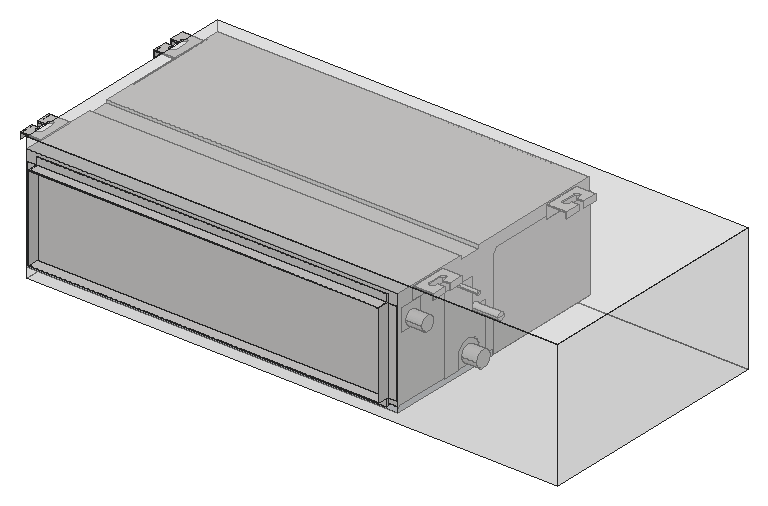
Revit family "outputfile", category 機械設備, Revit 2024
Family settings
  丸型コネクタ寸法 = 半径を使用
  パーツ タイプ = 標準
  OmniClass 番号 = 23.75.10.24.21.27.27
  OmniClass タイトル = Split System Air Conditioning Units
  作業面ベース = いいえ
  常に垂直 = はい
  ロード時にボイドで切り取り = いいえ
  注釈の向きを維持 = いいえ
  共有 = いいえ
  部屋計算ポイント = はい
Parameters (values of type "FXDQ20SPV1")
  Description = ""
  製造元 = "Daikin"
  書き出し IFC クラス(タイプ) = "IfcUnitaryEquipmentType"
  定義済み IFC タイプ(タイプ) = "AIRCONDITIONINGUNIT"
  Cost = 0
  モデル = "FXDQ20SPV1"
  Type Comments = ""
  Keynote = ""
  Type Image = (empty or 0)
  Assembly Code = ""
  w_pipe = 33.0 mm
  r_Liquid Pipe Size = Liquid Pipe Size / 2  # 3.2 mm
  r_Gas Pipe Size = Gas Pipe Size / 2  # 6.35 mm
  r_Drain Pipe Size = Drain Pipe Size / 2  # 10.0 mm
  lw_powersupply = 304.0 mm
  lw_ductflange2 = 630.0 mm
  lw_clearancespace = 1000.0 mm
  lw_Width = 660.0 mm
  lh_suctionflange [instance] = if(Rear Connection_Return Air, 100.0 mm, 190.0 mm)  # 100.0 mm
  lh_liquidpipe = 154.5 mm
  ld_suctionflange [instance] = if(Rear Connection_Return Air, 190.0 mm, 100.0 mm)  # 190.0 mm
  ld_powersupply = 60.0 mm
  angle_vertical_RA [instance] = if(Rear Connection_Return Air, 90.00°, 0.00°)  # 90.00°
  angle horizontal_RA [instance] = if(Rear Connection_Return Air, 180.00°, 270.00°)  # 180.00°
  Voltage_comment_50Hz = "220-240"
  Voltage_50Hz = 230 V
  URL = ""
  Supply Air Direction [instance] = yes
  Sound Power Level_H speed (dB) = 0
  Rear Connection_Return Air [instance] = not(Bottom Connection_Return Air)  # yes
  RA_length = 190.0 mm  # constant formula
  Phase_50Hz = 1
  Minimum External Static Pressure = 10.00 Pa
  Minimum Circuit Amps_50Hz = 0.7 A
  Maximum Fuse Amps_50Hz = 16.0 A
  Maximum External Static Pressure = 30.00 Pa
  Material_Casing = DAIKIN_GalvanizedSteel_Casing_indoorunit
  lw_liquidpipe = 39.2 mm  # constant formula
  lw_gaspipe = 50.6 mm  # constant formula
  lw_mountinghole_pitch = 740.0 mm
  lw_mountinghole = 20.0 mm  # constant formula
  lw_drainpipe = 33.0 mm  # constant formula
  lh_powersupply = 10.0 mm
  lh_gaspipe = 102.0 mm
  lh_mountinghole = Height + [h***]  # 200.0 mm
  lh_drainpipe = 150.0 mm
  lh_antena = 1.0 mm  # constant formula
  ld_liquidpipe = 193.0 mm  # constant formula
  ld_gaspipe = 130.0 mm  # constant formula
  ld_mountinghole_pitch = 0.0 mm  # constant formula
  ld_drainpipe = 280.0 mm
  ld_controlbox = 626.0 mm  # constant formula
  h*** = 0.0 mm  # constant formula
  d_dischargeflange = 21.2 mm  # constant formula
  Width = 700.0 mm
  Version = "ver.1.0"
  Unit Type = "Slim Duct (Standard) Type"
  Unit Mass Weight = 17.00 kg
  Unit Designation [instance] = ""
  Uniclass2015Version = "Products v1.30"
  Uniclass2015Title = "Variable refrigerant flow units"
  Uniclass2015Code = "Pr_70_65_03_94"
  Total Heating Capacity [instance] = 0.000 kW
  Total Cooling Capacity [instance] = 0.000 kW
  Sound Pressure Level_M speed (dBA) = 0
  Sound Pressure Level_L speed (dBA) = 29
  Sound Pressure Level_H speed (dBA) = 33
  Series = "VRV Fan Coil Unit"
  Sensible Cooling Capacity [instance] = 0.000 kW
  SA Duct Size Width = 660.0 mm
  SA Duct Size Height = 160.0 mm
  Refrigerant Type = "R410A"
  RA Duct Size Width = 596.0 mm
  RA Duct Size Height = 172.0 mm
  Power Input (Heating) = 0.056 kW
  Power Input (Cooling) = 0.072 kW
  Option Accessory 3 [instance] = ""
  Option Accessory 2 [instance] = ""
  Option Accessory 1 [instance] = ""
  Nominal Heating Capacity = 2.500 kW
  Nominal Cooling Capacity = 2.200 kW
  Minimum Airflow = 390.00 m³/h
  Median Airflow = 456.00 m³/h
  Maximum Airflow = 522.00 m³/h
  Load Classification = HVAC
  Liquid Pipe Size = 6.4 mm
  Link_Nested Family [instance] = ""
  IfcVersion = "0"
  IfcExportType = "AIRCONDITIONINGUNIT"
  IfcExportAs = "IfcUnitaryEquipmentType"
  Height = 200.0 mm
  Heating Entering Wet Bulb Temperature [instance] = 0.00 °C
  Heating Entering Dry Bulb Temperature [instance] = 0.00 °C
  Heating Ambient Wet Bulb Temperature [instance] = 0.00 °C
  Heating Ambient Dry Bulb Temperature [instance] = 0.00 °C
  Heat Exchanger Type = "Cross Fin Coil"
  Gas Pipe Size = 12.7 mm
  Frequency_50Hz = 50 Hz
  Fan Type = "Sirocco Fan"
  Fan Drive = "Direct Drive"
  FCU Tag No. [instance] = ""
  Drain Pipe Size = 20.0 mm
  Design Supply Airflow [instance] = 0.00 m³/h
  Design Return Airflow [instance] = 0.00 m³/h
  Design External Static Pressure [instance] = 0.00 Pa
  Depth = 450.0 mm
  既定の高さ = 0.0 mm
  Cooling Entering Wet Bulb Temperature [instance] = 0.00 °C
  Cooling Entering Dry Bulb Temperature [instance] = 0.00 °C
  Cooling Ambient Wet Bulb Temperature [instance] = 0.00 °C
  Cooling Ambient Dry Bulb Temperature [instance] = 0.00 °C
  Clearance visibility [instance] = yes
  Clearance Top = 20.0 mm
  Clearance Right = 300.0 mm
  Clearance Rear = 0.0 mm
  Clearance Left = 0.0 mm
  Clearance Front = 0.0 mm
  Clearance Bottom = 20.0 mm
  Bottom Connection_Return Air [instance] = no
Reference planes
  plane 1 "Center (Front/Back)": y = 0
  plane 2: z = 0
  plane 3 "Center (Left/Right)": x = 0
  plane 4 "Back": y = 225
  plane 5 "Front": y = -225
  plane 6 "Left": x = -350
  plane 7 "Right": x = 350
  plane 8 "Top": z = 0
  plane 9 "Bottom": z = -200
  plane 10: x = 330
  plane 11: x = -330
  plane 12: z = -190
  plane 13: z = -6
  plane 14: z = -22
  plane 15: z = -45.5
  plane 16: z = -98
  plane 17: x = -304
  plane 18: x = 304
  plane 19: x = -370
  plane 20: x = 370
  plane 21: y = 165
  plane 22: y = 165
  plane 23: x = -390
  plane 24: x = 390
  plane 25: x = 389.2
  plane 26: x = 400.6
  plane 27: x = 383
  plane 28: z = 0
  plane 29: z = -50
  plane 30 "Clearance Left": x = -350
  plane 31 "Clearance Right": x = 650
  plane 32 "Clearance Rear": y = 225
  plane 33 "Clearance Front": y = -225
  plane 34 "Clearance Top": z = 20
  plane 35 "Clearance Bottom": z = -220
  plane 36: z = -21
  plane 37: z = -170
  plane 38: z = -96.5
  plane 39: y = -46.5
  plane 40: y = -84
  plane 41: y = -197
  plane 42: y = 20
  plane 43: z = -97.5
  plane 44: y = -224
  plane 45: x = -349
  plane 46: z = -100
  plane 47: z = -30
  plane 48: y = 210
  plane 49: z = 301
  plane 50: z = -199
  plane 51: y = 35
  plane 52: z = -101
  plane 53: x = 380
  plane 54: x = 345
  plane 55: x = 355
  plane 56: x = 351
  plane 57: x = 279
  plane 58: x = 349.004
  plane 59: x = -349
  plane 60: x = 304
  plane 61: y = -157.5
  plane 62: y = 157.5
  plane 63: z = -98
  plane 64: z = -45.5
  plane 65: y = -62
  plane 66: y = 224
  plane 67: x = -35
  plane 68: x = 400.6
  plane 69: x = 389.2
Forms (mm)
  Extrusion 1, solid
    sketch origin (0, 0, 0) x (1, 0, 0) y (0, 0, 1)
      loop
        line (-350, -190) -> (-350, -200) -> (350, -200) -> (350, -190) -> (-350, -190)
    from 4.986 to 225
  Extrusion 2, solid, material "DAIKIN_GalvanizedSteel_Casing_indoorunit" <- "Material_Casing"
    sketch origin (0, 0, 0) x (1, 0, 0) y (0, 1, 0)
      loop
        line (-350, -225) -> (350, -225) -> (350, 225) -> (-350, 225) -> (-350, -225)
    from -200 to 0
  Extrusion 3, void
    sketch origin (0, 0, 1) x (1, 0, 0) y (0, 1, 0)
      loop
        line (-350, -36) -> (-350, -78) -> (350, -78) -> (350, -36) -> (-350, -36)
    from -1 to -7
  Revolve 4, solid, material "DAIKIN_GalvanizedSteel_Casing_indoorunit" <- "Material_Casing"
    sketch origin (0, 0, -98) x (0, -1, 0) y (1, 0, 0)
      loop
        line (40.15, 351) -> (46.5, 351) -> (46.5, 400.6) -> (40.15, 400.6) -> (40.15, 351)
      axis (46.5, 351) -> (46.5, 400.6)
    angle from 0 to 360
  Revolve 5, solid, material "DAIKIN_GalvanizedSteel_Casing_indoorunit" <- "Material_Casing"
    sketch origin (0.442, 0, -45.5) x (0, -1, 0) y (1, 0, 0)
      loop
        line (84, 351) -> (84, 388.758) -> (80.8, 388.758) -> (80.8, 351) -> (84, 351)
      axis (84, 388.758) -> (84, 351)
    angle from 0 to 360
  Extrusion 6, solid, material "DAIKIN_GalvanizedSteel_Casing_indoorunit" <- "Material_Casing"
    sketch origin (0, 0, -700) x (0, 1, 0) y (0, 0, 1)
      loop
        circle (-62, 530) r 15
    from 380 to 345
  Extrusion 7, solid, material "DAIKIN_GalvanizedSteel_Casing_indoorunit" <- "Material_Casing"
    sketch origin (0, 0, 0) x (0, 1, 0) y (0, 0, 1)
      loop
        line (-217.5, -66.5) -> (-176.5, -66.5) -> (-176.5, -25.5) -> (-217.5, -25.5) -> (-217.5, -66.5)
    from 350 to 351
  Extrusion 8, solid, material "DAIKIN_GalvanizedSteel_Casing_indoorunit" <- "Material_Casing"
    sketch origin (0, 0, 0) x (0, 1, 0) y (0, 0, 1)
      loop
        circle (-197, -50) r 13
    from 350 to 383
  Extrusion 9, solid, material "DAIKIN_GalvanizedSteel_Casing_indoorunit" <- "Material_Casing"
    sketch origin (0, 0, 0) x (1, 0, 0) y (0, 0, 1)
      loop
        line (-350, -190) -> (-350, -200) -> (350, -200) -> (350, -190) -> (-350, -190)
    from 4.986 to 225
  Extrusion 10, solid, material "DAIKIN_GalvanizedSteel_Casing_indoorunit" <- "Material_Casing", visible <- "Bottom Connection_Return Air"
    sketch origin (0, 0, 0) x (1, 0, 0) y (0, 0, 1)
      loop
        line (279, -200) -> (279, -1) -> (-349, -1) -> (-349, -200) -> (279, -200)
    from -225 to -224
  Extrusion 11, solid, material "DAIKIN_GalvanizedSteel_Casing_indoorunit" <- "Material_Casing", visible <- "Rear Connection_Return Air"
    sketch origin (0, 0, 0) x (1, 0, 0) y (0, 1, 0)
      loop
        line (-349, 225) -> (-349, 26) -> (279, 26) -> (279, 225) -> (-349, 225)
    from -200 to -199
  Extrusion 12, solid, material "DAIKIN_GalvanizedSteel_Casing_indoorunit" <- "Material_Casing"
    sketch origin (0, 0, 0) x (0, 1, 0) y (0, 0, 1)
      loop
        line (-1, -199) -> (225, -199) -> (225, -22) -> (193.393, -22) -> (192.179, -26.532) -> (123.882, -26.532) -> (121.769, -22) -> (6.769, -22) -> (-1, -29.769) -> (-1, -199)
    from 351 to 350
  Extrusion 13, solid, material "DAIKIN_GalvanizedSteel_Casing_indoorunit" <- "Material_Casing"
    sketch origin (0, 0, 0) x (0, 1, 0) y (0, 0, 1)
      loop
        line (-117, -45.5) -> (-117, -190) -> (-22, -190) -> (-22, -98) -> (-40.15, -98)
        arc (-40.15, -98) -> (-46.5, -104.35) -> (-52.85, -98) r 6.35
        line (-52.85, -98) -> (-52.85, -45.5) -> (-80.8, -45.5)
        arc (-80.8, -45.5) -> (-84, -48.7) -> (-87.2, -45.5) r 3.2
        line (-87.2, -45.5) -> (-117, -45.5)
    from 351 to 350
  Extrusion 14, void
    sketch origin (0, 0, 0) x (0, 1, 0) y (0, 0, 1)
      loop
        line (-87, -190) -> (-37, -190) -> (-37, -170)
        arc (-37, -170) -> (-62, -145) -> (-87, -170) r 25
        line (-87, -170) -> (-87, -190)
    from 350 to 351
  Extrusion 15, void
    sketch origin (0, 0, 0) x (1, 0, 0) y (0, 0, 1)
      loop
        line (-349, -1) -> (-349, -209.43) -> (279, -209.43) -> (279, -1) -> (-349, -1)
    from -225 to -26
Cuts and joins
  Extrusion 3, Extrusion 14, Extrusion 15 cuts Extrusion 2
  Extrusion 14, Extrusion 15 cuts Extrusion 9
  Extrusion 14 cuts Extrusion 13
Dimensions and locks
  "lh_powersupply": plane 12 to plane 9 "Bottom"
  locked: plane 8 "Top" to plane 13 at 6
  "Height": plane 8 "Top" to plane 9 "Bottom"
  equal spacing: plane 17, plane 3 "Center (Left/Right)", plane 18, locked at 304 each
  locked: plane 17 to plane 18 at 608
  equal spacing: plane 19, plane 3 "Center (Left/Right)", plane 20
  "lw_mountinghole_pitch": plane 19 to plane 20
  locked: plane 14 to plane 9 "Bottom" at 178
  "lw_mountinghole": plane 23 to plane 19
  locked: plane 15 to plane 9 "Bottom" at 154.5
  "lh_gaspipe": plane 16 to plane 9 "Bottom"
  "lh_mountinghole": plane 28 to plane 9 "Bottom"
  "ld_mountinghole_pitch": plane 22 to plane 21
  equal spacing: plane 6 "Left", plane 3 "Center (Left/Right)", plane 7 "Right"
  "Width": plane 6 "Left" to plane 7 "Right"
  "lh_drainpipe": plane 29 to plane 9 "Bottom"
  "Clearance Right": plane 7 "Right" to plane 31 "Clearance Right"
  "Clearance Left": plane 30 "Clearance Left" to plane 6 "Left"
  "lw_gaspipe": plane 7 "Right" to plane 26
  "lw_liquidpipe": plane 7 "Right" to plane 25
  "lw_drainpipe": plane 7 "Right" to plane 27
  "Clearance Rear": plane 32 "Clearance Rear" to plane 4 "Back"
  "Clearance Front": plane 5 "Front" to plane 33 "Clearance Front"
  "Clearance Top": plane 34 "Clearance Top" to plane 8 "Top"
  "Clearance Bottom": plane 9 "Bottom" to plane 35 "Clearance Bottom"
  "ld_powersupply": plane 4 "Back" to plane 22
  locked: plane 8 "Top" to plane 36 at 21
  locked: plane 8 "Top" to plane 37 at 170
  locked: plane 40 to plane 39 at 37.5
  locked: plane 38 to plane 9 "Bottom" at 103.5
  locked: plane 36 to plane 43 at 76.5
  "Depth": plane 4 "Back" to plane 5 "Front"
  equal spacing: plane 4 "Back", plane 1 "Center (Front/Back)", plane 5 "Front"
  locked: plane 44 to plane 5 "Front" at 1
  locked: plane 45 to plane 6 "Left" at 1
  Extrusion 10 sketch curve to Extrusion 10 sketch curve = 199.0 mm
  locked: plane 12 to plane 46 at 90
  plane 32 "Clearance Rear" to Extrusion 10 = 1.0 mm
  locked: plane 47 to plane 35 "Clearance Bottom" at 190
  plane 48 to nested 12 = 1.0 mm
  plane 49 to plane 28 = 301.0 mm
  locked: plane 50 to plane 9 "Bottom" at 1
  "ld_suctionflange": plane 4 "Back" to plane 51
  locked: plane 52 to plane 9 "Bottom" at 99
  locked: plane 7 "Right" to plane 53 at 30
  locked: plane 54 to plane 7 "Right" at 5
  locked: plane 7 "Right" to plane 55 at 5
  locked: plane 7 "Right" to plane 56 at 1
  locked: plane 7 "Right" to plane 57 at 71
  locked: plane 7 "Right" to plane 58 at 0.996
  locked: plane 59 to plane 6 "Left" at 1
  "lw_powersupply": plane 3 "Center (Left/Right)" to plane 60
  "r_Gas Pipe Size": nested 6 to Revolve 4 sketch curve
  "r_Liquid Pipe Size": nested 5 to Revolve 5 sketch curve
  locked: plane 61 to plane 33 "Clearance Front" at 67.5
  locked: plane 62 to plane 61 at 315
  locked: plane 33 "Clearance Front" to plane 41 at 28
  plane 33 "Clearance Front" to plane 40 = 141.0 mm
  locked: Extrusion 7 sketch curve to Extrusion 7 sketch curve at 41  (x2)
  locked: plane 8 "Top" to plane 64 at 45.5
  plane 64 to plane 63 = 52.5 mm
  locked: plane 33 "Clearance Front" to plane 65 at 163
  plane 33 "Clearance Front" to cut or joined group of Extrusion 2, Extrusion 3, Extrusion 14, Extrusion 15 = 147.0 mm
  nested 12 to plane 67 = 298.0 mm
  "ld_suctionflange": plane 4 "Back" to nested 14
  locked: plane 7 "Right" to plane 68 at 50.6
  locked: plane 7 "Right" to plane 69 at 39.2
  nested 14 to plane 9 "Bottom" = 100.0 mm
  aligned and locked: level to plane 2
  aligned and locked: Extrusion 2 to plane 9 "Bottom"
  aligned and locked: plane 8 "Top" to Extrusion 2
  aligned and locked: Revolve 4 sketch curve to Revolve 4 sketch curve
  aligned and locked: Extrusion 8 to plane 27
  aligned and locked: plane 20 to nested 2
  aligned and locked: plane 19 to nested 3
  aligned and locked: plane 19 to nested 4
  aligned and locked: nested 7 to plane 29
  aligned and locked: Extrusion 8 to nested 7
  aligned and locked: nested 7 to plane 27
  aligned and locked: nested 10 to plane 12
  aligned and locked: Extrusion 9 to plane 5 "Front"
  aligned and locked: Extrusion 9 to plane 9 "Bottom"
  aligned and locked: nested 6 to plane 16
  aligned and locked: nested 8 to plane 44
  aligned and locked: plane 39 to nested 6
  aligned and locked: plane 41 to nested 7
  aligned and locked: Extrusion 11 to nested 12
  aligned and locked: plane 8 "Top" to Extrusion 3
  aligned and locked: plane 9 "Bottom" to Extrusion 11  (x2)
  aligned and locked: Extrusion 11 to plane 50
  aligned and locked: plane 4 "Back" to nested 11
  aligned and locked: plane 32 "Clearance Rear" to nested 13  (x2)
  aligned and locked: nested 13 to plane 33 "Clearance Front"
  aligned and locked: nested 13 to plane 34 "Clearance Top"  (x2)
  aligned and locked: nested 13 to plane 35 "Clearance Bottom"  (x2)
  aligned and locked: plane 4 "Back" to Extrusion 12
  aligned and locked: Extrusion 12 to plane 50
  aligned and locked: plane 7 "Right" to Extrusion 12  (x2)
  aligned and locked: Extrusion 3 to plane 13
  aligned and locked: plane 52 to nested 8
  aligned and locked: plane 7 "Right" to cut or joined group of Extrusion 2, Extrusion 3, Extrusion 14, Extrusion 15
  aligned and locked: Extrusion 6 to plane 54
  aligned and locked: Extrusion 6 to plane 53
  aligned and locked: Extrusion 12 to plane 56
  aligned and locked: Extrusion 7 to plane 56
  aligned and locked: Extrusion 7 to plane 7 "Right"
  aligned and locked: Extrusion 8 to plane 7 "Right"
  aligned and locked: plane 3 "Center (Left/Right)" to nested 15
  aligned and locked: plane 13 to nested 15
  aligned and locked: nested 10 to plane 60
  aligned and locked: plane 20 to nested 1
  aligned and locked: plane 33 "Clearance Front" to nested 15
  aligned and locked: plane 4 "Back" to nested 10
  aligned and locked: Extrusion 2 to plane 5 "Front"
  aligned and locked: plane 3 "Center (Left/Right)" to nested 9
  aligned and locked: nested 9 to plane 1 "Center (Front/Back)"
  aligned and locked: plane 61 to nested 16
  aligned and locked: plane 62 to nested 17
  aligned and locked: nested 19 to plane 61
  aligned and locked: nested 19 to plane 6 "Left"
  aligned and locked: nested 18 to plane 62
  aligned and locked: nested 18 to plane 6 "Left"
  aligned and locked: plane 8 "Top" to nested 19
  aligned and locked: plane 8 "Top" to nested 18
  aligned and locked: plane 8 "Top" to nested 16
  aligned and locked: plane 8 "Top" to nested 17
  aligned and locked: plane 64 to Revolve 5
  aligned and locked: plane 63 to Revolve 4
  aligned and locked: plane 7 "Right" to Extrusion 13
  aligned and locked: plane 56 to Extrusion 13
  aligned and locked: plane 64 to Extrusion 13  (x2)
  aligned and locked: plane 63 to Extrusion 13
  aligned and locked: Extrusion 13 to plane 12
  aligned and locked: plane 56 to cut or joined group of Extrusion 2, Extrusion 3, Extrusion 14, Extrusion 15
  aligned and locked: cut or joined group of Extrusion 2, Extrusion 3, Extrusion 14, Extrusion 15 to plane 7 "Right"
  aligned and locked: Extrusion 6 sketch curve to plane 65
  aligned and locked: plane 37 to Extrusion 6
  aligned and locked: nested 12 to plane 59
  aligned and locked: plane 4 "Back" to Extrusion 15
  aligned and locked: nested 11 to plane 59
  aligned and locked: Extrusion 11 to plane 57
  aligned and locked: Extrusion 10 to plane 59
  aligned and locked: Extrusion 10 to plane 57
  aligned and locked: plane 67 to nested 14
  aligned and locked: nested 11 to plane 50
  aligned and locked: plane 40 to nested 5
  aligned and locked: nested 5 to plane 64
  aligned and locked: plane 31 "Clearance Right" to nested 13
  aligned and locked: plane 7 "Right" to nested 16
  aligned and locked: plane 7 "Right" to nested 17
  aligned and locked: nested 1 to plane 62
  aligned and locked: nested 2 to plane 61
  aligned and locked: nested 3 to plane 61
  aligned and locked: nested 4 to plane 62
  aligned and locked: Revolve 4 to plane 68
  aligned and locked: plane 68 to nested 6
  aligned and locked: Revolve 5 to plane 69
  aligned and locked: plane 69 to nested 5
  aligned and locked: level to plane 8 "Top"
  aligned and locked: plane 16 to plane 63
Automatic sketch dimensions
  Extrusion 1 sketch curve to plane 6 "Left" = 0.0 mm
  Extrusion 1 sketch curve to plane 7 "Right" = 0.0 mm
  Extrusion 1 sketch curve to plane 9 "Bottom" = 0.0 mm
  Extrusion 1 sketch curve to plane 12 = 0.0 mm
  Extrusion 2 sketch curve to plane 4 "Back" = 0.0 mm
  Extrusion 2 sketch curve to plane 6 "Left" = 0.0 mm
  Extrusion 2 sketch curve to plane 7 "Right" = 0.0 mm
  Extrusion 2 sketch curve to plane 44 = 1.0 mm
  Extrusion 3 sketch curve to plane 6 "Left" = 0.0 mm
  Extrusion 3 sketch curve to plane 7 "Right" = 0.0 mm
  plane 1 "Center (Front/Back)" to Extrusion 3 sketch curve = 78.0 mm
  Extrusion 3 sketch curve to plane 42 = 56.0 mm
  Extrusion 6 sketch curve to plane 37 = 0.0 mm
  Extrusion 8 sketch curve to plane 41 = 0.0 mm
  Extrusion 9 sketch curve to plane 6 "Left" = 0.0 mm
  Extrusion 9 sketch curve to plane 7 "Right" = 0.0 mm
  Extrusion 9 sketch curve to plane 9 "Bottom" = 0.0 mm
  Extrusion 9 sketch curve to plane 12 = 0.0 mm
  Extrusion 11 sketch curve to plane 45 = 0.0 mm
  Extrusion 11 sketch curve to plane 4 "Back" = 0.0 mm
  Extrusion 11 sketch curve to plane 18 = 25.0 mm
  plane 42 to Extrusion 11 sketch curve = 6.0 mm
  Revolve 4 sketch curve to plane 26 = 0.0 mm
  Revolve 4 sketch curve to plane 39 = 0.0 mm
  Revolve 4 sketch curve to Revolve 4 sketch curve = 1.003 mm
  plane 26 to Revolve 4 sketch curve = 1.003 mm
  plane 15 to Extrusion 7 sketch curve = 20.0 mm
  plane 44 to Extrusion 7 sketch curve = 6.5 mm
  Extrusion 8 sketch curve to plane 29 = 0.0 mm
  Revolve 4 sketch curve to plane 56 = 0.0 mm
  Extrusion 13 sketch curve to plane 64 = 0.0 mm
  Extrusion 13 sketch curve to plane 12 = 0.0 mm
  Extrusion 13 sketch curve to plane 40 = 0.0 mm
  Extrusion 13 sketch curve to plane 63 = 0.0 mm
  Extrusion 13 sketch curve to plane 39 = 0.0 mm
  Extrusion 13 sketch curve to Extrusion 13 sketch curve = 3.2 mm
  Extrusion 13 sketch curve to Extrusion 13 sketch curve = 29.8 mm
  Extrusion 13 sketch curve to plane 39 = 6.35 mm
  Extrusion 13 sketch curve to Extrusion 13 sketch curve = 18.15 mm
  Extrusion 14 sketch curve to plane 12 = 0.0 mm
  Extrusion 14 sketch curve to plane 37 = 0.0 mm
  Extrusion 14 sketch curve to plane 65 = 0.0 mm
  Extrusion 14 sketch curve to plane 40 = 3.0 mm
  plane 45 to Extrusion 10 sketch curve = 0.0 mm
  Extrusion 10 sketch curve to plane 50 = 1.0 mm
  plane 45 to Extrusion 15 sketch curve = 0.0 mm
  plane 57 to Extrusion 15 sketch curve = 0.0 mm
  Extrusion 15 sketch curve to plane 9 "Bottom" = 9.43 mm
  Extrusion 15 sketch curve to plane 8 "Top" = 1.0 mm
  plane 57 to Extrusion 10 sketch curve = 0.0 mm
  Extrusion 12 sketch curve to plane 50 = 0.0 mm
  Extrusion 12 sketch curve to plane 14 = 0.0 mm  (x2)
  Extrusion 12 sketch curve to plane 4 "Back" = 0.0 mm
  plane 47 to Extrusion 12 sketch curve = 3.468 mm
  Extrusion 12 sketch curve to plane 48 = 17.821 mm
  Extrusion 12 sketch curve to plane 62 = 33.618 mm
  Extrusion 12 sketch curve to Extrusion 12 sketch curve = 2.113 mm
  Extrusion 12 sketch curve to plane 1 "Center (Front/Back)" = 6.769 mm
  plane 1 "Center (Front/Back)" to Extrusion 12 sketch curve = 1.0 mm
  plane 47 to Extrusion 12 sketch curve = 0.231 mm
  Extrusion 12 sketch curve to Extrusion 12 sketch curve = 1.214 mm
  Revolve 5 sketch curve to plane 40 = 0.0 mm  (x2)
  plane 25 to Revolve 5 sketch curve = 0.442 mm
  plane 56 to Revolve 5 sketch curve = 0.442 mm  (x2)
  Revolve 5 sketch curve to plane 25 = 0.0 mm
  radius of Extrusion 6 sketch curve = 15.0 mm
  radius of Extrusion 8 sketch curve = 13.0 mm
Nested families
  nested 1: "daikin_mountinghole" at (370, 157.5, -200), l_antenna <- "lh_antena", Link_Nested Family <- "Link_Nested Family", h_mountinghole <- "lh_mountinghole", type "daikin_mountinghole"
    with show yes, l_antenna 1.0 mm, h_mountinghole 200.0 mm, Link_Nested Family ""
  nested 2: "daikin_mountinghole" at (370, -157.5, -200), Link_Nested Family <- "Link_Nested Family", l_antenna <- "lh_antena", h_mountinghole <- "lh_mountinghole", type "daikin_mountinghole"
    with show yes, l_antenna 1.0 mm, h_mountinghole 200.0 mm, Link_Nested Family ""
  nested 3: "daikin_mountinghole" at (-370, -157.5, -200), l_antenna <- "lh_antena", Link_Nested Family <- "Link_Nested Family", h_mountinghole <- "lh_mountinghole", type "daikin_mountinghole"
    with show yes, l_antenna 1.0 mm, h_mountinghole 200.0 mm, Link_Nested Family ""
  nested 4: "daikin_mountinghole" at (-370, 157.5, -200), l_antenna <- "lh_antena", Link_Nested Family <- "Link_Nested Family", h_mountinghole <- "lh_mountinghole", type "daikin_mountinghole"
    with show yes, l_antenna 1.0 mm, h_mountinghole 200.0 mm, Link_Nested Family ""
  nested 5: "daikin_connector_rotate2" at (350, -84, -45.5) x (0, 1, 0) z (0, 0, 1), length <- "lw_liquidpipe", radius <- "r_Liquid Pipe Size", built-in parameter 1001364 <- "lh_liquidpipe", type "daikin_connector_rotate2"
    with radius 3.2 mm, length 39.2 mm, angle_vertical 90.00°, show_face no
  nested 6: "daikin_connector_rotate2" at (350, -46.5, -98) x (0, 1, 0) z (0, 0, 1), length <- "lw_gaspipe", built-in parameter 1001364 <- "lh_gaspipe", radius <- "r_Gas Pipe Size", type "daikin_connector_rotate2"
    with radius 6.35 mm, length 50.6 mm, angle_vertical 90.00°, show_face no
  nested 7: "daikin_connector_rotate2" at (350, -197, -50) x (0, 1, 0) z (0, 0, 1), built-in parameter 1001364 <- "lh_drainpipe", length <- "lw_drainpipe", radius <- "r_Drain Pipe Size", type "daikin_connector_rotate2"
    with radius 10.0 mm, length 33.0 mm, angle_vertical 90.00°, show_face no
  nested 8: "daikin_connector_rotate2" at (0, -224, -101), length <- "d_dischargeflange", type "daikin_connector_rotate2"
    with radius 10.0 mm, length 21.2 mm, angle_vertical 90.00°, show_face no
  nested 9: "daikin_△_symbolicline" at (-50, -86.603, 200) x (-0.5, 0.866, 0) z (0, 0, 1), built-in parameter 1001364 <- "Height", visible <- "Supply Air Direction", type "daikin_△_symbolicline"
    with length 200.0 mm
  nested 10: "daikin_connector_rotate2" at (304, 165, -190) x (-1, 0, 0) z (0, 0, 1), built-in parameter 1001364 <- "lw_powersupply", length <- "ld_powersupply", type "daikin_connector_rotate2"
    with radius 10.0 mm, length 60.0 mm, angle_vertical 90.00°, show_face no
  nested 11: "daikin_ductflange_FXDQ-SPV1_2" at (-35, 225, -100), visible <- "Rear Connection_Return Air", material <- "Material_Casing", width <- "lw_ductflange2", type "daikin_ductflange_FXDQ-SPV1_2"
    with width 630.0 mm, material DAIKIN_GalvanizedSteel_Casing_indoorunit, height 180.0 mm, depth 21.2 mm
  nested 12: "daikin_ductflange_FXDQ-SPV1_2" at (-35, 125, -200) x (1, 0, 0) z (0, 1, 0), visible <- "Bottom Connection_Return Air", material <- "Material_Casing", width <- "lw_ductflange2", type "daikin_ductflange_FXDQ-SPV1_2"
    with width 630.0 mm, material DAIKIN_GalvanizedSteel_Casing_indoorunit, height 180.0 mm, depth 21.2 mm
  nested 13: "daikin_clearancespace" at (150, 0, -99.881), visible <- "Clearance visibility", show <- "Clearance visibility", width <- "lw_clearancespace", Link_Nested Family <- "Link_Nested Family", type "daikin_clearancespace"
    with width 1000.0 mm, show yes, height 240.0 mm, depth 450.0 mm, Link_Nested Family ""
  nested 14: "daikin_connector_rotate3" at (-35, 35, -100), built-in parameter 1001364 <- "lh_suctionflange", angle_vertical <- "angle_vertical_RA", angle_horizontal <- "angle horizontal_RA", length <- "RA_length", type "daikin_connector_rotate3"
    with show no, radius 10.0 mm, length 190.0 mm, angle_vertical 90.00°, angle_horizontal 180.00°
  nested 15: "daikin_ductflange_FXDQ-SPV1_1" at (0, 88.5, -371.201), width <- "lw_Width", material <- "Material_Casing", type "daikin_ductflange_FXDQ-SPV1_1"
    with width 660.0 mm, material DAIKIN_GalvanizedSteel_Casing_indoorunit, height 162.0 mm, depth 21.2 mm
  nested 16: "daikin_hangerfixture_FXDQ-SPV1" at (350, -157.5, 0) x (0, 1, 0) z (0, 0, 1), type "daikin_hangerfixture_FXDQ-SPV1"
  nested 17: "daikin_hangerfixture_FXDQ-SPV1" at (350, 157.5, 0) x (0, 1, 0) z (0, 0, 1), type "daikin_hangerfixture_FXDQ-SPV1"
  nested 18: "daikin_hangerfixture_FXDQ-SPV1" at (-350, 157.5, 0) x (0, -1, 0) z (0, 0, 1), type "daikin_hangerfixture_FXDQ-SPV1"
  nested 19: "daikin_hangerfixture_FXDQ-SPV1" at (-350, -157.5, 0) x (0, -1, 0) z (0, 0, 1), type "daikin_hangerfixture_FXDQ-SPV1"
Connectors
  piping at (400.6, -46.5, -98), diameter 12.7, driven by "r_Gas Pipe Size"
    settings: on nested 6, index 1, connector inside diameter 609.6 mm, connector length 0.0 mm, flow factor 0, pipe flow 0.00 m³/h, pressure drop 0.0 Pa, fitting loss kfactor 0, connector angle 0.00°, fixture units 0, engagement length 0.0 mm, angle of deflection 0.00°, flow configuration 1, flow direction 2, fitting loss method 0, system type 29, joint type 0, gender type 0, connector reference index -1, connector utility 0, adjustable connector no, is connector primary yes, connector description "Refrigerant Gas Piping"
  piping at (389.2, -84, -45.5), diameter 6.4, driven by "r_Liquid Pipe Size"
    settings: on nested 5, index 2, connector inside diameter 609.6 mm, connector length 0.0 mm, flow factor 0, pipe flow 0.00 m³/h, pressure drop 0.0 Pa, fitting loss kfactor 0, connector angle 0.00°, fixture units 0, engagement length 0.0 mm, angle of deflection 0.00°, flow configuration 1, flow direction 1, fitting loss method 0, system type 29, joint type 0, gender type 0, connector reference index -1, connector utility 0, adjustable connector no, is connector primary no, connector description "Refrigerant Liquid Piping"
  piping at (383, -197, -50), diameter 20, driven by "r_Drain Pipe Size"
    settings: on nested 7, index 3, connector inside diameter 609.6 mm, connector length 0.0 mm, flow factor 0, pipe flow 0.00 m³/h, pressure drop 0.0 Pa, fitting loss kfactor 0, connector angle 0.00°, fixture units 0, engagement length 0.0 mm, angle of deflection 0.00°, flow configuration 1, flow direction 2, fitting loss method 4, system type 16, joint type 0, gender type 0, connector reference index -1, connector utility 0, adjustable connector no, is connector primary no, connector description "Condensate Drain Piping"
  hvac at (0, -245.2, -101), driven by "SA Duct Size Height", driven by "SA Duct Size Width"
    settings: on nested 8, index 7, duct flow 0.00 m³/h, flow factor 0, pres drop 0.00 Pa, loss coef 0, conn angle 0.00°, conn width 660.0 mm, conn height 160.0 mm, conn diameter 609.6 mm, duct sys type 1, conn prof type 1, flow config 0, flow direction 2, loss method 4, conn ref index -1, conn util no, is conn primary yes, conn desc "SA Duct"
  electrical at (304, 225, -190), driven by "Load Classification"
    settings: on nested 10, index 9, voltage 0 V, apparent load 0 VA, apparent load phase1 0 VA, apparent load phase2 0 VA, apparent load phase3 0 VA, power factor 1, load classification "HVAC", number of poles 1, system type 30, power factor state 1, is connector primary yes, connector utility no, sub classification motor no, connector description "Power Supply"
  hvac at (-35, 225, -100), driven by "RA Duct Size Height", driven by "RA Duct Size Width"
    settings: on nested 14, index 10, duct flow 0.00 m³/h, flow factor 0, pres drop 0.00 Pa, loss coef 0, conn angle 0.00°, conn width 596.0 mm, conn height 172.0 mm, conn diameter 609.6 mm, duct sys type 2, conn prof type 1, flow config 0, flow direction 1, loss method 4, conn ref index -1, conn util no, is conn primary no, conn desc "RA Duct"
Definition of nested family "daikin_ductflange_FXDQ-SPV1_2"
  Parameters (values of type "daikin_ductflange_FXDQ-PDVE2")
    width [instance] = 630.0 mm
    material [instance] = none
    height [instance] = 186.0 mm
    depth [instance] = 21.2 mm
    Default Elevation = 0.0 mm
  Reference planes
    plane 1 "Center (Front/Back)": y = 0
    plane 2: z = 0
    plane 3 "Center (Left/Right)": x = 0
    plane 4: y = -313.5
    plane 5: y = -334.7
    plane 6: x = -315
    plane 7: x = 315
    plane 8: z = 86
    plane 9: z = -86
    plane 10: z = 100
    plane 11: z = -100
    plane 12: x = -314
    plane 13: x = 314
  Forms (mm)
    Extrusion 1, solid, material <- "material"
      sketch origin (0, 0, 0) x (1, 0, 0) y (0, 0, 1)
        loop
          line (-298, 86) -> (-298, -86) -> (298, -86) -> (298, 86) -> (-298, 86)
        loop
          line (-314, -99) -> (314, -99) -> (314, 99) -> (-314, 99) -> (-314, -99)
      from 0 to 1
  Dimensions and locks
    plane 4 to plane 1 "Center (Front/Back)" = 313.5 mm
    "depth": plane 5 to plane 4
    equal spacing: plane 7, plane 3 "Center (Left/Right)", plane 6
    "width": plane 7 to plane 6
    equal spacing: plane 10, level, plane 11, locked at 100 each
    locked: plane 10 to plane 11 at 200
    plane 12 to plane 6 = 1.0 mm
    locked: plane 7 to plane 13 at 1
    plane 10 to Extrusion 1 sketch curve = 1.0 mm
    Extrusion 1 sketch curve to plane 11 = 1.0 mm
    locked: Extrusion 1 sketch curve to Extrusion 1 sketch curve at 13  (x2)
    locked: Extrusion 1 sketch curve to Extrusion 1 sketch curve at 16  (x2)
    locked: plane 10 to plane 8 at 14
    locked: plane 9 to plane 11 at 14
    plane 8 to plane 2 to plane 9 = 86.0 mm, 86.0 mm
    plane 8 to plane 9 = 172.0 mm
    aligned and locked: level to plane 2
  Automatic sketch dimensions
    plane 6 to Extrusion 1 sketch curve = 1.0 mm
    Extrusion 1 sketch curve to plane 7 = 1.0 mm
Definition of nested family "daikin_clearancespace"
  Parameters (values of type "daikin_clearancespace")
    width [instance] = 1823.963 mm
    show [instance] = yes
    material = none
    height [instance] = 1359.762 mm
    depth [instance] = 880.0 mm
    Default Elevation = 0.0 mm
    Link_Nested Family [instance] = ""
  Reference planes
    plane 1 "Center (Front/Back)": y = 0
    plane 2 "Center (Elevation)": z = -0.119
    plane 3 "Center (Left/Right)": x = 0
    plane 4: y = 440
    plane 5: y = -440
    plane 6 "Right": x = 911.982
    plane 7 "Left": x = -911.982
    plane 8 "Top": z = 679.762
    plane 9 "Bottom": z = -680
  Forms (mm)
    Extrusion 1, solid, material <- "material", visible <- "show"
      sketch origin (0, 0, 0) x (1, 0, 0) y (0, 1, 0)
        loop
          line (-911.982, 440) -> (-911.982, -440) -> (911.982, -440) -> (911.982, 440) -> (-911.982, 440)
      from -680 to 679.762
  Lines and regions (mm)
    symbolic lines, visible <- "show"
      curve 1: line (911.982, 440, 0) -> (-911.982, 440, 0)
      curve 2: line (-911.982, 440, 0) -> (-911.982, -440, 0)
      curve 3: line (-911.982, -440, 0) -> (911.982, -440, 0)
      curve 4: line (911.982, -440, 0) -> (911.982, 440, 0)
      curve 5: line (911.982, 0, 679.762) -> (-911.982, 0, 679.762)
      curve 6: line (911.982, 0, -680) -> (911.982, 0, 679.762)
      curve 7: line (-911.982, 0, -680) -> (911.982, 0, -680)
      curve 8: line (-911.982, 0, 679.762) -> (-911.982, 0, -680)
      curve 9: line (0, 440, 679.762) -> (0, -440, 679.762)
      curve 10: line (0, -440, 679.762) -> (0, -440, -680)
      curve 11: line (0, 440, -680) -> (0, 440, 679.762)
      curve 12: line (0, -440, -680) -> (0, 440, -680)
  Dimensions and locks
    "width": plane 7 "Left" to plane 6 "Right"
    "depth": plane 4 to plane 5
    "height": plane 8 "Top" to plane 9 "Bottom"
    equal spacing: plane 7 "Left", plane 3 "Center (Left/Right)", plane 6 "Right"
    equal spacing: plane 4, plane 1 "Center (Front/Back)", plane 5
    equal spacing: plane 8 "Top", plane 2 "Center (Elevation)", plane 9 "Bottom"
    aligned and locked: level to plane 2 "Center (Elevation)"
    aligned and locked: Extrusion 1 sketch curve to plane 4
    aligned and locked: plane 7 "Left" to Extrusion 1 sketch curve
    aligned and locked: Extrusion 1 sketch curve to plane 5
    aligned and locked: Extrusion 1 sketch curve to plane 6 "Right"
    aligned and locked: plane 8 "Top" to Extrusion 1
    aligned and locked: curve 1 to Extrusion 1
    aligned and locked: curve 2 to Extrusion 1
    aligned and locked: curve 3 to Extrusion 1
    aligned and locked: curve 4 to Extrusion 1
    aligned and locked: curve 5 to Extrusion 1
    aligned and locked: curve 6 to Extrusion 1
    aligned and locked: curve 7 to Extrusion 1
    aligned and locked: curve 8 to Extrusion 1
    aligned and locked: curve 9 to Extrusion 1
    aligned and locked: curve 10 to Extrusion 1
    aligned and locked: curve 11 to Extrusion 1
    aligned and locked: curve 12 to Extrusion 1
    aligned and locked: Extrusion 1 to plane 9 "Bottom"
Definition of nested family "daikin_ductflange_FXDQ-SPV1_1"
  Parameters (values of type "daikin_ductflange_FXDQ-PDVE")
    width [instance] = 862.0 mm
    material [instance] = none
    height [instance] = 162.0 mm
    depth [instance] = 21.2 mm
    Default Elevation = 0.0 mm
  Reference planes
    plane 1 "Center (Front/Back)": y = 0
    plane 2: z = 189.201
    plane 3 "Center (Left/Right)": x = 0
    plane 4: y = -313.5
    plane 5: x = -431
    plane 6: x = 431
    plane 7: y = -334.7
    plane 8: z = 351.201
    plane 9: z = 270.201
    plane 10: z = 350.201
    plane 11: z = 190.201
  Forms (mm)
    Extrusion 1, solid, material <- "material"
      sketch origin (0, 0, 189.201) x (1, 0, 0) y (0, 1, 0)
        loop
          line (-431, -334.7) -> (-431, -313.5) -> (-449, -313.5) -> (-449, -314.5) -> (-432, -314.5) -> (-432, -334.7) -> (-431, -334.7)
        loop
          line (431, -334.7) -> (432, -334.7) -> (432, -314.5) -> (449, -314.5) -> (449, -313.5) -> (431, -313.5) -> (431, -334.7)
      from 1 to 161
    Extrusion 2, solid, material <- "material"
      sketch origin (0, 0, 0) x (0, 1, 0) y (0, 0, 1)
        loop
          line (-313.5, 350.201) -> (-313.5, 365.201) -> (-314.5, 365.201) -> (-314.5, 351.201) -> (-334.7, 351.201) -> (-334.7, 350.201) -> (-313.5, 350.201)
        loop
          line (-313.5, 190.201) -> (-334.7, 190.201) -> (-334.7, 189.201) -> (-314.5, 189.201) -> (-314.5, 175.201) -> (-313.5, 175.201) -> (-313.5, 190.201)
      from -431 to 431
  Dimensions and locks
    plane 4 to plane 1 "Center (Front/Back)" = 313.5 mm
    "depth": plane 7 to plane 4
    equal spacing: plane 8, plane 9, level, locked at 81 each
    "height": plane 8 to level
    equal spacing: plane 6, plane 3 "Center (Left/Right)", plane 5
    "width": plane 6 to plane 5
    plane 5 to plane 6 = 862.0 mm
    locked: plane 8 to plane 10 at 1
    locked: plane 11 to level at 1
    locked: Extrusion 1 to Extrusion 2 sketch curve at 1
    locked: Extrusion 2 sketch curve to Extrusion 1 at 1
    locked: Extrusion 1 sketch curve to Extrusion 1 sketch curve at 1
    locked: Extrusion 1 sketch curve to plane 5 at 18
    locked: Extrusion 1 to plane 5 at 18
    locked: plane 6 to Extrusion 1 at 18
    locked: plane 5 to Extrusion 1 at 18
    locked: Extrusion 1 to plane 6 at 18
    aligned and locked: level to plane 2
    aligned and locked: Extrusion 2 to plane 5
    aligned and locked: Extrusion 2 to plane 11
    aligned and locked: Extrusion 2 to plane 10
    aligned and locked: plane 6 to Extrusion 2
    aligned and locked: plane 5 to Extrusion 2  (x2)
    aligned and locked: plane 5 to Extrusion 1  (x2)
    aligned and locked: Extrusion 1 to plane 6
    aligned and locked: plane 6 to Extrusion 1
  Automatic sketch dimensions
    Extrusion 1 sketch curve to plane 4 = 0.0 mm  (x2)
    Extrusion 1 sketch curve to plane 7 = 0.0 mm  (x2)
    plane 5 to Extrusion 1 sketch curve = 0.0 mm
    Extrusion 1 sketch curve to plane 5 = 1.0 mm
    plane 6 to Extrusion 1 sketch curve = 1.0 mm
    Extrusion 2 sketch curve to plane 7 = 0.0 mm  (x2)
    Extrusion 2 sketch curve to plane 4 = 0.0 mm  (x2)
    Extrusion 2 sketch curve to plane 11 = 0.0 mm
    Extrusion 2 sketch curve to plane 10 = 0.0 mm
    Extrusion 2 sketch curve to plane 4 = 1.0 mm  (x2)
    Extrusion 2 sketch curve to level = 14.0 mm
    plane 8 to Extrusion 2 sketch curve = 14.0 mm
    Extrusion 1 sketch curve to Extrusion 1 sketch curve = 17.0 mm
    Extrusion 1 sketch curve to plane 4 = 1.0 mm
    Extrusion 1 sketch curve to plane 6 = 0.0 mm
Definition of nested family "daikin_hangerfixture_FXDQ-SPV1"
  Parameters (values of type "daikin_hangerfixture_FXDQ-SPV1")
    width = 700.0 mm
    material = none
    height = 30.0 mm
    depth = 619.0 mm
    Default Elevation = 0.0 mm
  Reference planes
    plane 1 "Center (Front/Back)": y = 0
    plane 2: z = 0
    plane 3 "Center (Left/Right)": x = 0
    plane 4: x = -34
    plane 5: x = 34
    plane 6: y = -39.5
    plane 7: z = -24.5
  Forms (mm)
    Extrusion 1, solid, material <- "material"
      sketch origin (0, 0, 0) x (0, 1, 0) y (0, 0, 1)
        loop
          line (0, 0) -> (-39.5, 0) -> (-39.5, -11) -> (-38, -11) -> (-38, -1.5) -> (-1.5, -1.5) -> (-1.5, -24.5) -> (0, -24.5) -> (0, 0)
      from -34 to 34
    Extrusion 2, void
      sketch origin (0, 0, 0) x (1, 0, 0) y (0, 1, 0)
        loop
          line (6.5, -39.5) -> (6.5, -26.5) -> (12.5, -26.5)
          arc (12.5, -26.5) -> (18.5, -20.5) -> (12.5, -14.5) r 6
          line (12.5, -14.5) -> (-12.5, -14.5)
          arc (-12.5, -14.5) -> (-18.5, -20.5) -> (-12.5, -26.5) r 6
          line (-12.5, -26.5) -> (-6.5, -26.5) -> (-6.5, -39.5) -> (6.5, -39.5)
      from -70.244 to 68
  Cuts and joins
    Extrusion 2 cuts Extrusion 1
  Dimensions and locks
    equal spacing: plane 4, plane 3 "Center (Left/Right)", plane 5, locked at 34 each
    locked: plane 4 to plane 5 at 68
    locked: plane 6 to plane 1 "Center (Front/Back)" at 39.5
    locked: plane 2 to plane 7 at 24.5
    aligned and locked: level to plane 2
    aligned and locked: plane 2 to Extrusion 1
    aligned and locked: Extrusion 1 to plane 1 "Center (Front/Back)"  (x2)
    aligned and locked: Extrusion 1 to plane 4
    aligned and locked: plane 5 to Extrusion 1
    aligned and locked: Extrusion 1 to plane 6  (x2)
    aligned and locked: Extrusion 1 to plane 7
    aligned and locked: plane 4 to Extrusion 1
    aligned and locked: Extrusion 1 to plane 5
  Automatic sketch dimensions
    Extrusion 1 sketch curve to level = 0.0 mm
    Extrusion 1 sketch curve to plane 1 "Center (Front/Back)" = 0.0 mm
    plane 1 "Center (Front/Back)" to Extrusion 1 sketch curve = 1.5 mm
    Extrusion 1 sketch curve to level = 1.5 mm
    Extrusion 1 sketch curve to Extrusion 1 sketch curve = 36.5 mm
    Extrusion 1 sketch curve to Extrusion 1 sketch curve = 1.5 mm
    Extrusion 1 sketch curve to Extrusion 1 sketch curve = 9.5 mm
    Extrusion 1 sketch curve to Extrusion 1 sketch curve = 23.0 mm
    Extrusion 2 sketch curve to plane 6 = 0.0 mm
    Extrusion 2 sketch curve to plane 3 "Center (Left/Right)" = 12.5 mm
    Extrusion 2 sketch curve to Extrusion 2 sketch curve = 6.0 mm  (x3)
    plane 3 "Center (Left/Right)" to Extrusion 2 sketch curve = 6.5 mm
    Extrusion 2 sketch curve to Extrusion 2 sketch curve = 13.0 mm
    Extrusion 2 sketch curve to Extrusion 2 sketch curve = 0.0 mm
Definition of nested family "daikin_mountinghole"
  Parameters (values of type "daikin_mountinghole")
    Default Elevation = 1219.2 mm
    Type Comments = "mountinghole"
    show [instance] = yes
    material = none
    l_centerline = 100.0 mm
    l_antenna [instance] = 100.0 mm
    h_mountinghole [instance] = 0.0 mm
    d_circle = 30.0 mm
    Link_Nested Family [instance] = ""
  Reference planes
    plane 1 "Center (Front/Back)": y = 0
    plane 2: z = 0
    plane 3 "Center (Left/Right)": x = 0
    plane 4: y = 50
    plane 5: x = -50
    plane 6: x = 50
    plane 7: y = -50
    plane 8 "h_mountinghole": z = 0
    plane 9: z = 100
  Lines and regions (mm)
    model lines, detail levels fine
      curve 1: circle (0, 0, 0) r 15 normal (0, 0, 1)
      curve 2: line (-50, 0, 0) -> (50, 0, 0)
      curve 3: line (0, 50, 0) -> (0, -50, 0)
    symbolic lines, detail levels fine
      curve 4: circle (0, 0, 0) r 15 normal (0, 0, 1)
      curve 5: line (-50, 0, 0) -> (50, 0, 0)
      curve 6: line (0, 50, 0) -> (0, -50, 0)
    model lines
      curve 7: line (0, 0, 100) -> (0, 0, 0)
  Dimensions and locks
    equal spacing: plane 4, plane 1 "Center (Front/Back)", plane 7
    "l_centerline": plane 4 to plane 7
    equal spacing: plane 5, plane 3 "Center (Left/Right)", plane 6
    "l_centerline": plane 5 to plane 6
    "l_antenna": plane 9 to plane 8 "h_mountinghole"
    "h_mountinghole": plane 8 "h_mountinghole" to plane 2
    "d_circle": diameter of curve 1
    "d_circle": diameter of curve 4
    aligned and locked: level to plane 2
    aligned and locked: plane 1 "Center (Front/Back)" to curve 1
    aligned and locked: plane 3 "Center (Left/Right)" to curve 1
    aligned and locked: plane 1 "Center (Front/Back)" to curve 2
    aligned and locked: curve 3 to plane 3 "Center (Left/Right)"
    aligned and locked: plane 6 to curve 2
    aligned and locked: plane 5 to curve 2
    aligned and locked: plane 4 to curve 3
    aligned and locked: plane 7 to curve 3
    aligned and locked: plane 1 "Center (Front/Back)" to curve 4
    aligned and locked: plane 3 "Center (Left/Right)" to curve 4
    aligned and locked: plane 6 to curve 5
    aligned and locked: plane 5 to curve 5
    aligned and locked: plane 1 "Center (Front/Back)" to curve 5
    aligned and locked: plane 4 to curve 6
    aligned and locked: plane 7 to curve 6
    aligned and locked: curve 6 to plane 3 "Center (Left/Right)"
    aligned and locked: curve 7 to plane 3 "Center (Left/Right)"
    aligned and locked: plane 9 to curve 7
    aligned and locked: plane 8 "h_mountinghole" to curve 7
Definition of nested family "daikin_connector_rotate2"
  Parameters (values of type "daikin_connector_rotate2")
    show_face = yes
    radius [instance] = 10.0 mm
    length [instance] = 600.0 mm
    d_surface = 10.0 mm
    angle_vertical [instance] = 90.00°
    Default Elevation = 0.0 mm
  Reference planes
    plane 1 "Center (Front/Back)": y = 0
    plane 2: z = 0
    plane 3 "Center (Left/Right)": x = 0
  Forms (mm)
    Extrusion 1, solid, visible <- "show_face"
      sketch origin (0, -600, 0) x (1, 0, 0) y (0, 0, 1)
        loop
          circle (0, 0) r 10
      from 0 to -10
  Lines and regions (mm)
    reference lines
      curve 1: line (0, 0, 0) -> (0, -600, 0)
    symbolic lines
      curve 2: circle (0, 0, 0) r 5 normal (0, 0, 1)
    model lines, visible <- "show_face"
      curve 3: line (0, 0, 0) -> (0, -600, 0)
  Dimensions and locks
    "length": curve 1 to curve 1
    "length": curve 3 to curve 3
    "d_surface": Extrusion 1 to Extrusion 1
    "radius": radius of Extrusion 1 sketch curve
    "angle_vertical": angle curve 1 to plane 1 "Center (Front/Back)"
    "angle_vertical": angle curve 3 to plane 1 "Center (Front/Back)"
    aligned and locked: level to plane 2
    aligned and locked: plane 1 "Center (Front/Back)" to curve 1
    aligned and locked: plane 2 to curve 1
    aligned and locked: plane 1 "Center (Front/Back)" to curve 2
    aligned and locked: plane 3 "Center (Left/Right)" to curve 2
    aligned and locked: plane 1 "Center (Front/Back)" to curve 3
    aligned and locked: plane 2 to curve 3
    aligned and locked: Extrusion 1 to Extrusion 1
  Automatic sketch dimensions
    Extrusion 1 sketch curve to level = 0.0 mm
    Extrusion 1 sketch curve to plane 3 "Center (Left/Right)" = 0.0 mm
    radius of curve 2 = 5.0 mm
Definition of nested family "daikin_△_symbolicline"
  Parameters (values of type "daikin_△_symbolicline")
    length [instance] = 500.0 mm
    Default Elevation = 0.0 mm
  Reference planes
    plane 1 "Center (Front/Back)": y = 0
    plane 2: z = 0
    plane 3 "Center (Left/Right)": x = 0
  Lines and regions (mm)
    symbolic lines
      curve 1: line (0, -433.013, 0) -> (250, 0, 0)
      curve 2: line (250, 0, 0) -> (-250, 0, 0)
      curve 3: line (-250, 0, 0) -> (0, -433.013, 0)
  Dimensions and locks
    equal spacing: curve 3, plane 3 "Center (Left/Right)", curve 2
    "length": curve 3 to curve 2
    "length": curve 3 to curve 3
    "length": curve 1 to curve 1
    aligned and locked: level to plane 2
    aligned and locked: curve 2 to plane 1 "Center (Front/Back)"
    aligned and locked: plane 3 "Center (Left/Right)" to curve 3
Definition of nested family "daikin_connector_rotate3"
  Parameters (values of type "daikin_connector_rotate3")
    Default Elevation = 1219.2 mm
    show [instance] = yes
    radius [instance] = 10.0 mm
    length [instance] = 600.0 mm
    angle_horizontal [instance] = 60.00°
    angle_vertical [instance] = 90.00°
  Reference planes
    plane 1 "Center (Front/Back)": y = 0
    plane 2: z = 0
    plane 3 "Center (Left/Right)": x = 0
  Dimensions and locks
    "angle_horizontal": angle plane 3 "Center (Left/Right)" to nested 1
    aligned and locked: level to plane 2
    aligned and locked: plane 1 "Center (Front/Back)" to nested 1  (x2)
    aligned and locked: plane 3 "Center (Left/Right)" to nested 1
  Nested families
    nested 1: "daikin_connector_rotate2" at (0, 0, 0) x (0.5, 0.866, 0) z (0, 0, 1), angle_vertical <- "angle_vertical", length <- "length", radius <- "radius", type "daikin_connector_rotate2"
      with radius 10.0 mm, length 600.0 mm, angle_vertical 90.00°
  Definition of nested family "daikin_connector_rotate2"
    Parameters (values of type "daikin_connector_rotate2")
      show_face = yes
      radius [instance] = 10.0 mm
      length [instance] = 600.0 mm
      d_surface = 10.0 mm
      angle_vertical [instance] = 90.00°
      Default Elevation = 0.0 mm
    Reference planes
      plane 1 "Center (Front/Back)": y = 0
      plane 2: z = 0
      plane 3 "Center (Left/Right)": x = 0
    Forms (mm)
      Extrusion 1, solid, visible <- "show_face"
        sketch origin (0, -600, 0) x (1, 0, 0) y (0, 0, 1)
          loop
            circle (0, 0) r 10
        from 0 to -10
    Lines and regions (mm)
      reference lines
        curve 1: line (0, 0, 0) -> (0, -600, 0)
      symbolic lines
        curve 2: circle (0, 0, 0) r 5 normal (0, 0, 1)
      model lines, visible <- "show_face"
        curve 3: line (0, 0, 0) -> (0, -600, 0)
    Dimensions and locks
      "length": curve 1 to curve 1
      "length": curve 3 to curve 3
      "d_surface": Extrusion 1 to Extrusion 1
      "radius": radius of Extrusion 1 sketch curve
      "angle_vertical": angle curve 1 to plane 1 "Center (Front/Back)"
      "angle_vertical": angle curve 3 to plane 1 "Center (Front/Back)"
      aligned and locked: level to plane 2
      aligned and locked: plane 1 "Center (Front/Back)" to curve 1
      aligned and locked: plane 2 to curve 1
      aligned and locked: plane 1 "Center (Front/Back)" to curve 2
      aligned and locked: plane 3 "Center (Left/Right)" to curve 2
      aligned and locked: plane 1 "Center (Front/Back)" to curve 3
      aligned and locked: plane 2 to curve 3
      aligned and locked: Extrusion 1 to Extrusion 1
    Automatic sketch dimensions
      Extrusion 1 sketch curve to level = 0.0 mm
      Extrusion 1 sketch curve to plane 3 "Center (Left/Right)" = 0.0 mm
      radius of curve 2 = 5.0 mm
